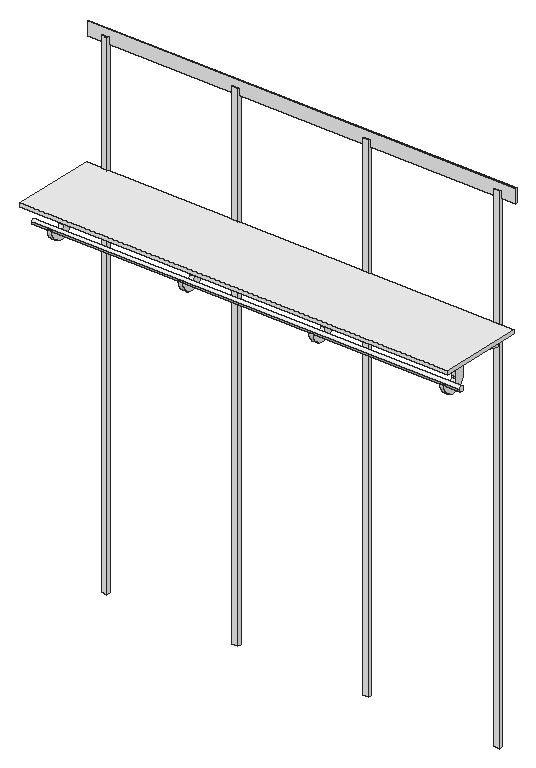
Revit family "ClosetMaid - ShelfTrack EVO - Adjustable Solid Wood Melamine Shelving w Hang Rod", category Specialty Equipment, Revit 2018
Family settings
  Round Connector Dimension = Use Diameter
  Part Type = Normal
  Work Plane-Based = No
  Always vertical = Yes
  Cut with Voids When Loaded = No
  Shared = No
  Room Calculation Point = No
Parameters (values of type "84" Single Hang - 14" Depth")
  Wall Type [instance] = Wall Type : Drywall
  Upper Shelf Height = 5' - 10"
  URL = "www.ClosetMaidPro.com"
  Type Comments = "5/8'' Solid Melamine Shelving"  # constant formula
  Support Material = White Finish
  Standards Length = 7' - 0"
  Shelf Width [instance] = 6' - 0"
  Shelf Material = White Finish
  Shelf Finish [instance] = "White Melamine"
  Shelf Depth = 1' - 2"
  Number of Units [instance] = roundup(Shelf Width / 8' 0")  # 1
  Number of Standards [instance] = (roundup((Shelf Width - 0' 6") / Maximum Standards Spacing) + 1)  # 4
  Number of Shelves [instance] = (if(Double Hang, 2, 1)) * Number of Units  # 1
  Number of Brackets [instance] = (if(Double Hang, 2, 1)) * Number of Standards  # 4
  Mounting Height [instance] = 7' - 6"
  Maximum Standards Spacing = 2' - 6"
  Manufacturer = "ClosetMaid"  # constant formula
  Lower Shelf Height = 3' - 6"
  Keynote = "10 57 00"  # constant formula
  Description = "Solid Wood Adjustable Shelving"  # constant formula
  Created by = "ClosetMaid"  # constant formula
  Double Hang = no
Types (2): name | Upper Shelf Height | Number of Shelves | Number of Brackets | Double Hang
  84" Single Hang - 14" Depth | 5' - 10" | 1 | 4 | no
  84" Double Hang - 14" Depth | 7' - 0" | 2 | 8 | yes
Reference planes (in)
  plane 1: z = 0
  plane 2 "Center (Left/Right)": x = 0
  plane 3 "Right": x = 36
  plane 4 "Left": x = -36
  plane 5 "Top": z = 90
  plane 6 "Back": y = 6
  plane 7 "Back of Shelf": y = 5.5
  plane 8 "Top of Shelf": z = 70
  plane 9 "Bottom Shelf": z = 42
  plane 10: z = 69.375
  plane 11: z = 41.375
Lines and regions (in)
  Masking region 1
    outline origin (0, 0, 90) x (-1, 0, 0) y (0, -1, 0)
      loop
        line (36, -6) -> (36, 8.5) -> (-36, 8.5) -> (-36, -6) -> (36, -6)
  symbolic lines, style "SpecialityEquipmentHiddenLines"
    curve 1: line (-36, -6, 0) -> (36, -6, 0)
Dimensions and locks (in)
  equal spacing: plane 4 "Left", plane 2 "Center (Left/Right)", plane 3 "Right"
  "Shelf Width": plane 4 "Left" to plane 3 "Right"
  locked: plane 6 "Back" to plane 7 "Back of Shelf" at 0.5
  locked: plane 8 "Top of Shelf" to plane 10 at 0.625
  locked: plane 9 "Bottom Shelf" to plane 11 at 0.625
  "Mounting Height": plane 5 "Top" to level
  "Shelf Depth": plane 7 "Back of Shelf" to Masking region 1 sketch curve
  "Upper Shelf Height": plane 8 "Top of Shelf" to level
  "Lower Shelf Height": plane 9 "Bottom Shelf" to level
  aligned and locked: level to plane 1
  aligned and locked: nested 1 to plane 6 "Back"
  aligned and locked: Masking region 1 sketch curve to nested 1
  aligned and locked: plane 4 "Left" to Masking region 1
  aligned and locked: plane 3 "Right" to Masking region 1
  aligned and locked: plane 6 "Back" to Masking region 1
  aligned and locked: plane 4 "Left" to nested 1  (x2)
  aligned and locked: plane 2 "Center (Left/Right)" to nested 1
  aligned and locked: nested 1 to plane 3 "Right"
  aligned and locked: plane 3 "Right" to nested 1  (x2)
  aligned and locked: nested 1 to plane 4 "Left"
  aligned and locked: nested 2 to plane 4 "Left"
  aligned and locked: plane 3 "Right" to nested 2
  aligned and locked: nested 3 to plane 4 "Left"
  aligned and locked: plane 3 "Right" to nested 3
  aligned and locked: nested 4 to plane 10
  aligned and locked: nested 4 to plane 3 "Right"
  aligned and locked: plane 4 "Left" to nested 4
  aligned and locked: nested 5 to plane 11
  aligned and locked: plane 4 "Left" to nested 5
  aligned and locked: nested 5 to plane 3 "Right"
  aligned and locked: plane 8 "Top of Shelf" to nested 2
  aligned and locked: plane 9 "Bottom Shelf" to nested 3
  aligned and locked: nested 4 to plane 7 "Back of Shelf"
  aligned and locked: nested 5 to plane 7 "Back of Shelf"
  aligned and locked: nested 3 to plane 7 "Back of Shelf"
  aligned and locked: nested 2 to plane 7 "Back of Shelf"
  aligned and locked: nested 6 to plane 6 "Back"
  aligned and locked: plane 10 to nested 6
  aligned and locked: plane 11 to nested 7
  aligned and locked: plane 2 "Center (Left/Right)" to nested 7
  aligned and locked: plane 2 "Center (Left/Right)" to nested 6
  aligned and locked: nested 7 to plane 6 "Back"
Automatic sketch dimensions
  curve 1 to plane 4 "Left" = 0' - 0"
  curve 1 to plane 3 "Right" = 0' - 0"
  curve 1 to plane 7 "Back of Shelf" = 0' - 11 1/2"
  Masking region 1 sketch curve to plane 3 "Right" = 0' - 0"
  Masking region 1 sketch curve to plane 4 "Left" = 0' - 0"
Nested families (in)
  nested 1: "EVO Hang Track w Standards Array" at (-0.7377, 29.75, 0), Standards Height <- "Standards Length", Track Height <- "Mounting Height", Maximum Standard Spacing <- "Maximum Standards Spacing", Width <- "Shelf Width", Material <- "Support Material", type "Hang Track w Standards"
    with calc_array_num_nd 4, calc_array_len 5' - 6", Width 6' - 0", Track Height 7' - 6", Standards Height 7' - 0", Maximum Standard Spacing 2' - 6", Material White Finish
  nested 2: "EVO Shelf" at (-36, 5.5, 70), Shelf Material <- "Shelf Material", Length <- "Shelf Width", Shelf Depth <- "Shelf Depth", type "EVO Shelf"
    with Shelf Material White Finish, Shelf Depth 1' - 2", Length 6' - 0"
  nested 3: "EVO Shelf" at (-36, 5.5, 42), Shelf Material <- "Shelf Material", Length <- "Shelf Width", Shelf Depth <- "Shelf Depth", visible <- "Double Hang", type "EVO Shelf"
    with Shelf Material White Finish, Shelf Depth 1' - 2", Length 6' - 0"
  nested 4: "EVO Brackets Array" at (-0.7377, 15.5, 69.375), Maximum Standard Spacing <- "Maximum Standards Spacing", Material <- "Support Material", Depth <- "Shelf Depth", Width <- "Shelf Width", type "Brackets Array"
    with calc_array_num 4, calc_array_len 5' - 6", Width 6' - 0", Maximum Standard Spacing 2' - 6", Material White Finish, Depth 1' - 2"
  nested 5: "EVO Brackets Array" at (-0.7377, 15.5, 41.375), Maximum Standard Spacing <- "Maximum Standards Spacing", Material <- "Support Material", Depth <- "Shelf Depth", Width <- "Shelf Width", visible <- "Double Hang", type "Brackets Array"
    with calc_array_num 4, calc_array_len 5' - 6", Width 6' - 0", Maximum Standard Spacing 2' - 6", Material White Finish, Depth 1' - 2"
  nested 6: "J-Hook Array" at (-36, 6, 69.375), Width <- "Shelf Width", Maximum Bracket Spacing <- "Maximum Standards Spacing", Bracket Material <- "Support Material", type "Default Instance"
    with calc_array_num 4, calc_array_len 5' - 6", calc_act_num 4, Width 6' - 0", Maximum Bracket Spacing 2' - 6", Depth 1' - 0", Bracket Material White Finish
  nested 7: "J-Hook Array" at (-36, 6, 41.375), Width <- "Shelf Width", Maximum Bracket Spacing <- "Maximum Standards Spacing", visible <- "Double Hang", Bracket Material <- "Support Material", type "Default Instance"
    with calc_array_num 4, calc_array_len 5' - 6", calc_act_num 4, Width 6' - 0", Maximum Bracket Spacing 2' - 6", Depth 1' - 0", Bracket Material White Finish
Definition of nested family "EVO Hang Track w Standards Array"
  Parameters (values of type "Hang Track w Standards")
    calc_array_num_nd [instance] = roundup(calc_array_len / Maximum Standard Spacing) + 1  # 4
    Width [instance] = 8' - 0"
    Standards Height [instance] = 7' - 0"
    Maximum Standard Spacing [instance] = 2' - 6"
    Material [instance] = none
    Track Height [instance] = 7' - 6"
    calc_array_len [instance] = Width - 0' 6"  # 7' - 6"
  Reference planes (in)
    plane 1 "Back": y = -23.75
    plane 2 "Center (Left/Right)": x = 0.7377
    plane 3 "Left": x = -47.2623
    plane 4 "Right": x = 48.7377
    plane 5 "Front": y = -24
    plane 6 "Top": z = 91.125
    plane 7: z = 88.875
    plane 8: x = -44.2623
    plane 9: x = 45.7377
    plane 10 "CL": z = 90
  Forms (in)
    Extrusion 1, solid, material <- "Material"
      sketch origin (0, 0, 0) x (1, 0, 0) y (0, 1, 0)
        loop
          line (-47.2623, -23.75) -> (-47.2623, -24) -> (48.7377, -24) -> (48.7377, -23.75) -> (-47.2623, -23.75)
      from 88.875 to 91.125
  Dimensions and locks (in)
    "Width": plane 3 "Left" to plane 4 "Right"
    equal spacing: plane 3 "Left", plane 2 "Center (Left/Right)", plane 4 "Right"
    "Track Height": plane 10 "CL" to level
    locked: plane 6 "Top" to plane 7 at 2.25
    locked: plane 8 to plane 3 "Left" at 3
    locked: plane 9 to plane 4 "Right" at 3
    equal spacing: plane 6 "Top", plane 10 "CL", plane 7
    equal spacing: group 1, group 3, group 4, group 2  (x3)
    locked: plane 5 "Front" to plane 1 "Back" at 0.25
    aligned and locked: plane 1 "Back" to Extrusion 1 sketch curve
    aligned and locked: Extrusion 1 sketch curve to plane 5 "Front"
    aligned and locked: plane 3 "Left" to Extrusion 1
    aligned and locked: Extrusion 1 to plane 4 "Right"
    aligned and locked: Extrusion 1 to plane 1 "Back"
    aligned and locked: Extrusion 1 to plane 6 "Top"
    aligned and locked: plane 1 "Back" to nested 1
    aligned and locked: nested 1 to plane 10 "CL"
    aligned and locked: nested 2 to plane 10 "CL"
    aligned and locked: plane 1 "Back" to nested 3
    aligned and locked: plane 1 "Back" to nested 2
    aligned and locked: plane 6 "Top" to Extrusion 1
    aligned and locked: Extrusion 1 to plane 7
    aligned and locked: plane 8 to nested 1
    aligned and locked: nested 2 to plane 9
  Automatic sketch dimensions
    Extrusion 1 sketch curve to plane 3 "Left" = 0' - 0"
    Extrusion 1 sketch curve to plane 4 "Right" = 0' - 0"
  Nested families (in)
    nested 1: "Standard" at (-45, -0.25, 6), Material <- "Material", Height <- "Standards Height", type "Standard"
      with Material none, Height 7' - 0"
    nested 2: "Standard" at (45, -0.25, 6), Material <- "Material", Height <- "Standards Height", type "Standard"
      with Material none, Height 7' - 0"
    nested 3: "Standard" at (-15, -0.25, 6), Material <- "Material", Height <- "Standards Height", type "Standard"
      with Material none, Height 7' - 0"
    nested 4: "Standard" at (15, -0.25, 6), Material <- "Material", Height <- "Standards Height", type "Standard"
      with Material none, Height 7' - 0"
  Definition of nested family "Standard"
    Parameters (values of type "Standard")
      Material [instance] = none
      Height [instance] = 7' - 0"
    Reference planes (in)
      plane 1 "Back": y = -23.5
      plane 2 "Center (Left/Right)": x = 0.7377
      plane 3 "Left": x = 0.2377
      plane 4 "Right": x = 1.2377
      plane 5 "Front": y = -24
      plane 6 "Top": z = 84
    Forms (in)
      Extrusion 1, solid, material <- "Material"
        sketch origin (0, 0, 0) x (1, 0, 0) y (0, 1, 0)
          loop
            line (0.2377, -23.5) -> (0.2377, -24) -> (1.2377, -24) -> (1.2377, -23.5) -> (0.2377, -23.5)
        from 0 to 84
    Dimensions and locks (in)
      locked: plane 5 "Front" to plane 1 "Back" at 0.5
      locked: plane 3 "Left" to plane 4 "Right" at 1
      equal spacing: plane 3 "Left", plane 2 "Center (Left/Right)", plane 4 "Right"
      "Height": plane 6 "Top" to level
      aligned and locked: plane 1 "Back" to Extrusion 1 sketch curve
      aligned and locked: Extrusion 1 sketch curve to plane 3 "Left"
      aligned and locked: Extrusion 1 sketch curve to plane 5 "Front"
      aligned and locked: plane 4 "Right" to Extrusion 1 sketch curve
      aligned and locked: Extrusion 1 to plane 6 "Top"
      aligned and locked: Extrusion 1 to level
Definition of nested family "EVO Shelf"
  Parameters (values of type "EVOTrack Shelf")
    Shelf Material [instance] = none
    Length [instance] = 8' - 0"
    Shelf Depth [instance] = 1' - 0"
  Reference planes (in)
    plane 1 "Back": y = 0
    plane 2: z = 0
    plane 3 "Left": x = 0
    plane 4 "Right": x = 96
    plane 5 "Front": y = -12
    plane 6 "Bottom of Shelf": z = -0.625
  Forms (in)
    Extrusion 1, solid, material <- "Shelf Material"
      sketch origin (0, 0, 0) x (1, 0, 0) y (0, 1, 0)
        loop
          line (96, 0) -> (0, 0) -> (0, -12) -> (96, -12) -> (96, 0)
      from -0.625 to 0
  Dimensions and locks (in)
    "Length": plane 3 "Left" to plane 4 "Right"
    "Shelf Depth": plane 5 "Front" to plane 1 "Back"
    locked: level to plane 6 "Bottom of Shelf" at 0.625
    aligned and locked: level to plane 2
    aligned and locked: Extrusion 1 sketch curve to plane 1 "Back"
    aligned and locked: Extrusion 1 sketch curve to plane 4 "Right"
    aligned and locked: Extrusion 1 sketch curve to plane 5 "Front"
    aligned and locked: Extrusion 1 sketch curve to plane 3 "Left"
    aligned and locked: Extrusion 1 to plane 5 "Front"
    aligned and locked: Extrusion 1 to plane 1 "Back"
    aligned and locked: plane 4 "Right" to Extrusion 1
    aligned and locked: Extrusion 1 to plane 3 "Left"
Definition of nested family "EVO Brackets Array"
  Parameters (values of type "Brackets Array")
    calc_array_num [instance] = roundup(calc_array_len / Maximum Standard Spacing) + 1  # 4
    Width [instance] = 8' - 0"
    Maximum Standard Spacing [instance] = 2' - 6"
    Material [instance] = none
    Depth [instance] = 1' - 0"
    calc_array_len [instance] = Width - 0' 6"  # 7' - 6"
  Reference planes (in)
    plane 1 "Back": y = -12
    plane 2 "Center (Left/Right)": x = 0.7377
    plane 3 "Left": x = -47.2623
    plane 4 "Right": x = 48.7377
    plane 5 "Front": y = -24
    plane 6 "Top": z = 0
    plane 7: x = -44.2623
    plane 8: x = 45.7377
  Dimensions and locks (in)
    "Depth": plane 5 "Front" to plane 1 "Back"
    "Width": plane 3 "Left" to plane 4 "Right"
    equal spacing: plane 3 "Left", plane 2 "Center (Left/Right)", plane 4 "Right"
    locked: plane 7 to plane 3 "Left" at 3
    locked: plane 8 to plane 4 "Right" at 3
    equal spacing: group 1, group 3, group 4, group 2  (x2)
    equal spacing: group 2, group 4, group 3, group 1
    aligned and locked: plane 1 "Back" to nested 1
    aligned and locked: nested 2 to plane 8
    aligned and locked: nested 2 to plane 6 "Top"
    aligned and locked: nested 1 to plane 6 "Top"
    aligned and locked: plane 7 to nested 1
    aligned and locked: plane 1 "Back" to nested 2
  Nested families (in)
    nested 1: "EVO Bracket" at (-44.2623, -12, 0), Support Material <- "Material", Depth <- "Depth", type "Default"
      with Support Material none, Finish "", Depth 1' - 0"
    nested 2: "EVO Bracket" at (45.7377, -12, 0), Support Material <- "Material", Depth <- "Depth", type "Default"
      with Support Material none, Finish "", Depth 1' - 0"
    nested 3: "EVO Bracket" at (-14.2623, -12, 0), Support Material <- "Material", Depth <- "Depth", type "Default"
      with Support Material none, Finish "", Depth 1' - 0"
    nested 4: "EVO Bracket" at (15.7377, -12, 0), Support Material <- "Material", Depth <- "Depth", type "Default"
      with Support Material none, Finish "", Depth 1' - 0"
  Definition of nested family "EVO Bracket"
    Parameters (values of type "Default")
      Support Material [instance] = none
      Finish [instance] = ""
      Depth [instance] = 1' - 2"
    Reference planes (in)
      plane 1 "Back": y = 0
      plane 2: z = 0
      plane 3 "Center L/R": x = 0
      plane 4 "Right": x = 0.25
      plane 5 "Front": y = -14
      plane 6 "Top": z = 0
      plane 7: z = -3
      plane 8: y = -12.5
      plane 9 "Left": x = -0.25
    Forms (in)
      Extrusion 1, solid, material <- "Support Material"
        sketch origin (0, 0, 0) x (0, 1, 0) y (0, 0, 1)
          loop
            line (0, 0) -> (-12.5, 0) -> (0, -3) -> (0, 0)
        from -0.25 to 0.25
    Dimensions and locks (in)
      plane 6 "Top" to level = 0' - 0"
      "Depth": plane 5 "Front" to plane 1 "Back"
      locked: level to plane 7 at 3
      locked: plane 8 to plane 5 "Front" at 1.5
      plane 9 "Left" to plane 3 "Center L/R" to plane 4 "Right" = 0' - 0 1/4" locked, 0' - 0 1/4" locked
      aligned and locked: level to plane 2
      aligned and locked: Extrusion 1 sketch curve to plane 6 "Top"
      aligned and locked: plane 1 "Back" to Extrusion 1 sketch curve
      aligned and locked: plane 7 to Extrusion 1 sketch curve
      aligned and locked: plane 8 to Extrusion 1 sketch curve
      aligned and locked: plane 4 "Right" to Extrusion 1
      aligned and locked: Extrusion 1 to plane 9 "Left"
Definition of nested family "J-Hook Array"
  Parameters (values of type "Default Instance")
    calc_array_num [instance] = roundup(calc_array_len / Maximum Bracket Spacing) + 1  # 4
    calc_array_len [instance] = (Width - 0' 6")  # 5' - 6"
    calc_act_num [instance] = if(calc_array_num < 2, 2, calc_array_num)  # 4
    Width [instance] = 6' - 0"
    Maximum Bracket Spacing [instance] = 2' - 0"
    Finish = ""
    Depth [instance] = 1' - 0"
    Bracket Material [instance] = none
  Reference planes (in)
    plane 1 "Back": y = 0
    plane 2: z = 0
    plane 3 "Left": x = 0
    plane 4 "Front": y = -12
    plane 5 "Right": x = 72
    plane 6 "Array Start Left": x = 3
    plane 7 "Array End Right": x = 69
    plane 8: x = 36
  Forms (in)
    Extrusion 1, solid, material <- "Bracket Material"
      sketch origin (0, -0.5, 0) x (0, 1, 0) y (0, 0, 1)
        loop
          circle (-11.125, -3.41275) r 0.375
      from 0 to 72 <- "Width"
  Dimensions and locks (in)
    locked: plane 3 "Left" to plane 6 "Array Start Left" at 3
    locked: plane 7 "Array End Right" to plane 5 "Right" at 3
    "Width": plane 3 "Left" to plane 5 "Right"
    "Depth": plane 4 "Front" to plane 1 "Back"
    equal spacing: plane 6 "Array Start Left", plane 8, plane 7 "Array End Right"
    equal spacing: group 1, group 3, group 4, group 2  (x3)
    aligned and locked: level to plane 2
    aligned and locked: nested 1 to plane 4 "Front"
    aligned and locked: nested 2 to plane 4 "Front"
    aligned and locked: nested 1 to plane 6 "Array Start Left"
    aligned and locked: nested 2 to plane 7 "Array End Right"
  Automatic sketch dimensions
    Extrusion 1 sketch curve to level = 0' - 3.41275"
    plane 4 "Front" to Extrusion 1 sketch curve = 0' - 0 3/8"
    radius of Extrusion 1 sketch curve = 0' - 0 3/8"
  Nested families (in)
    nested 1: "J-Bracket" at (3.7377, -35.53906, -5.6875) x (-1, 0, 0) z (0, 0, 1), Material <- "Bracket Material", type "J-Bracket"
    nested 2: "J-Bracket" at (69.7377, -35.53906, -5.6875) x (-1, 0, 0) z (0, 0, 1), Material <- "Bracket Material", type "J-Bracket"
    nested 3: "J-Bracket" at (25.7377, -35.53906, -5.6875) x (-1, 0, 0) z (0, 0, 1), Material <- "Bracket Material", type "J-Bracket"
    nested 4: "J-Bracket" at (47.7377, -35.53906, -5.6875) x (-1, 0, 0) z (0, 0, 1), Material <- "Bracket Material", type "J-Bracket"
  Definition of nested family "J-Bracket"
    Parameters (values of type "J-Bracket")
      Material [instance] = none
    Reference planes (in)
      plane 1: z = 0
      plane 2 "Center (Left/Right)": x = 0.7377
      plane 3 "Left": x = 0.3627
      plane 4 "Right": x = 1.1127
      plane 5 "Front": y = -24.03906
      plane 6 "Top": z = 5.6875
    Forms (in)
      Extrusion 1, solid, material <- "Material"
        sketch origin (1.1127, -3.5, 0.15319) x (0, -1, 0) y (0, 0, 1)
          loop
            line (20.03906, 2.12155) -> (20.03906, 1.87155)
            arc (20.03906, 1.87155) -> (22.03906, -0.12845) -> (24.03906, 1.87155) r 2
            line (24.03906, 1.87155) -> (24.03906, 2.62155)
            arc (24.03906, 2.62155) -> (23.60685, 4.288) -> (22.41918, 5.53431) r 3.42869
            line (22.41918, 5.53431) -> (20.53906, 5.53431) -> (20.53906, 4.74655)
            arc (20.53906, 4.74655) -> (21.98209, 3.7716) -> (22.53906, 2.12155) r 2.72266
            line (22.53906, 2.12155) -> (22.53906, 1.79794)
            arc (22.53906, 1.79794) -> (21.66406, 0.92294) -> (20.78906, 1.79794) r 0.875
            line (20.78906, 1.79794) -> (20.78906, 2.12155) -> (20.03906, 2.12155)
        from 0 to 0.75
    Dimensions and locks (in)
      plane 3 "Left" to plane 2 "Center (Left/Right)" to plane 4 "Right" = 0' - 0 3/8", 0' - 0 3/8"
      level to plane 6 "Top" = 0' - 5 11/16"
      locked: plane 6 "Top" to level at 5.6875
      aligned and locked: plane 1 to level
      aligned and locked: plane 3 "Left" to Extrusion 1
